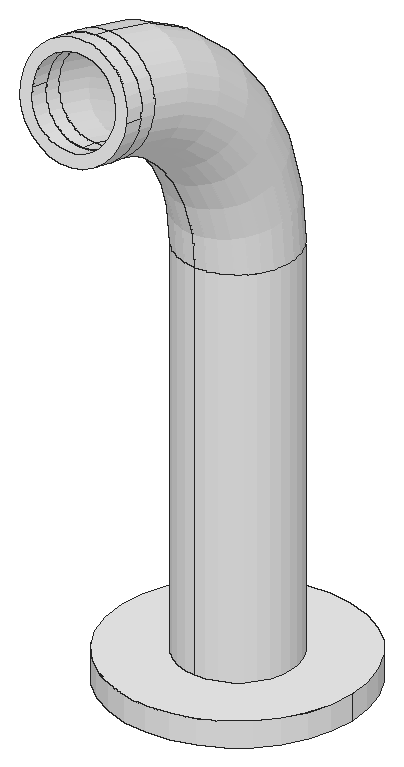
Revit family "Tub_Spout-GROHE-Atrio-13488_Series", category Plumbing Fixtures, host Face, Revit 2019
Family settings
  Host = Face
  Round Connector Dimension = Use Diameter
  Part Type = Normal
  OmniClass Number = 23.45.05.14.21.11
  OmniClass Title = Bath/Shower Units
  Cut with Voids When Loaded = No
  Shared = Yes
  Room Calculation Point = No
Parameters (values of type "13488000")
  Width = 2 9/16"  # constant formula
  Waste Connection = no
  WFU = 4  # constant formula
  Vent Connection = no
  URL = "https://www.grohe.us/"
  Type Comments = ""
  Tempered Water Connection Diameter = 1/2"  # constant formula
  Tempered Connection = yes
  Spout Reach = 6 3/4"  # constant formula
  Product Page URL = "https://www.grohe.us/Tub-Fillers/Atrio-Tub-Spout/GROHE-CHROME-13488000"
  Price = "Prices may vary. Please consult Manufacturer Representative for most up-to-date price list."  # constant formula
  Plate Thickness = 2 9/16"  # constant formula
  Model = "13488000"
  Material = "Metal-Grohe-000-StarLight Chrome"
  Manufacturer = "Grohe"
  Installation Type = "Wall Mounted"
  IAPMO Compliance = "• Massachusetts Plumbing Board Approved  • CSA B125.1 • ASME A112.18.1"
  HWFU = 3  # constant formula
  HW Connection = no
  Finish = Metal-Grohe-000-StarLight Chrome
  Description = "Atrio Tub Spout"  # constant formula
  Default Elevation = 24"
  Creation Date = "06/07/2023"  # constant formula
  CWFU = 3  # constant formula
  CW Connection = no
  Assembly Code = "D2010510"
Types (5): name | Model | Material | Finish
  (no name) | "13488000" | "Metal-Grohe-000-StarLight Chrome" | Metal-Grohe-000-StarLight Chrome
  13488000 | "13488000" | "Metal-Grohe-000-StarLight Chrome" | Metal-Grohe-000-StarLight Chrome
  134882430 | "134882430" | "Metal-Grohe-2430-Matte Black" | Metal-Grohe-2430-Matte Black
  13488EN0 | "13488EN0" | "Metal-Grohe-EN0-Brushed Nickel Infinity Finish" | Metal-Grohe-EN0-Brushed Nickel Infinity Finish
  13488GN0 | "13488GN0" | "Metal-Grohe-GN0-Brushed Cool Sunrise" | Metal-Grohe-GN0-Brushed Cool Sunrise
Reference planes (in)
  plane 1 "Center (Front/Back)": y = 0
  plane 2: z = 0
  plane 3 "Center (Left/Right)": x = 0
  plane 4: z = 0.26774
  plane 5: z = 6.75
  plane 6: x = 1.28125
  plane 7: x = -1.28125
  plane 8: through (0, -0.63304, 6.40773) normal (0, 0.1908, 0.9816)
  plane 9: y = 1.28125
  plane 10: y = -1.28125
Forms (in)
  Extrusion 1, solid, material "Metal-Grohe-000-StarLight Chrome" <- "Finish"
    sketch origin (0, 0, 0) x (1, 0, 0) y (0, 1, 0)
      loop
        circle (0, 0) r 1.28125
    from 0 to 0.26774
  Extrusion 2, solid, material "Metal-Grohe-000-StarLight Chrome" <- "Finish", not visible
    sketch origin (0, 0, 0) x (1, 0, 0) y (0, 1, 0)
      loop
        circle (0, 0) r 0.25
    from 0 to 0.03735
  Sweep 3, solid, material "Metal-Grohe-000-StarLight Chrome" <- "Finish"
    path origin (0, 0, 0) x (0, 1, 0) y (0, 0, 1)
      loop
        line (0, 0) -> (0, 4.34148)
        arc (0, 4.34148) -> (-0.53835, 5.8409) -> (-1.9075, 6.65546) r 2.35729
        line (-1.9075, 6.65546) -> (-2.08598, 6.69016)
    profile origin (0, 0, 2.17074) x (0, -1, 0) y (1, 0, 0)
      loop
        circle (0, 0) r 0.46303
      loop
        circle (0, 0) r 0.59354
  Extrusion 4, solid, material "Metal-Grohe-000-StarLight Chrome" <- "Finish"
    sketch origin (0, -2.08598, 6.69016) x (1, 0, 0) y (0, 0.190809, 0.981627)
      loop
        circle (0, 0) r 0.59354
      loop
        circle (0, 0) r 0.46303
    from 0 to 0.19745
Cuts and joins
  joined: Extrusion 1, Sweep 3
Lines and regions (in)
  Masking region 1
    outline origin (0, 0, 0) x (1, 0, 0) y (0, 0, 1)
      loop
        line (-1.28125, 0) -> (1.28125, 0) -> (1.28125, 0.26774) -> (0.62486, 0.26774) -> (0.62486, 6.70927)
        arc (0.62486, 6.70927) -> (0.01566, 7.31847) -> (-0.59354, 6.70927) r 0.6092
        line (-0.59354, 6.70927) -> (-0.59354, 0.26774) -> (-1.28125, 0.26774) -> (-1.28125, 0)
  symbolic lines, detail levels medium+fine
    curve 1: line (1.25, 0, 0.26774) -> (-1.25, 0, 0.26774)
Dimensions and locks (in)
  "Spout Reach": plane 5 to level
  plane 3 "Center (Left/Right)" to plane 6 = 1 9/32"
  "Width": plane 7 to plane 6
  equal spacing: plane 9, plane 1 "Center (Front/Back)", plane 10, locked at 1.28125 each
  "Width": plane 9 to plane 10
  plane 4 to plane 2 = 0.26774"
  angle plane 5 to plane 8 = 11.00°
  aligned and locked: plane 2 to host face
  aligned and locked: level to host face
  aligned and locked: Extrusion 1 to Masking region 1 sketch curve  (x2)
  aligned and locked: plane 1 "Center (Front/Back)" to Sweep 3 sketch curve
  aligned and locked: plane 1 "Center (Front/Back)" to Extrusion 1 sketch curve
  aligned and locked: plane 3 "Center (Left/Right)" to Extrusion 1 sketch curve
  aligned and locked: plane 4 to Extrusion 1
  aligned and locked: Extrusion 4 sketch curve to cut or joined group of Extrusion 1, Sweep 3
Automatic sketch dimensions
  curve 1 to plane 4 = 0"
  plane 7 to curve 1 = 1/32"
  curve 1 to plane 6 = 1/32"
  host sketch curve to host sketch curve = 96"  (x2)
  plane 1 "Center (Front/Back)" to Extrusion 2 sketch curve = 0"
  Extrusion 2 sketch curve to plane 3 "Center (Left/Right)" = 0"
  Sweep 3 sketch curve to plane 8 = 0"  (x2)
  Sweep 3 sketch curve to plane 1 "Center (Front/Back)" = 0"
  Sweep 3 sketch curve to level = 0"
  Sweep 3 sketch curve to plane 5 = 0.09454"
  Sweep 3 sketch curve to plane 10 = 1.07604"
  Sweep 3 sketch curve to plane 5 = 0.05984"
  Sweep 3 sketch curve to Sweep 3 sketch curve = 0"  (x2)
  Sweep 3 sketch curve to plane 3 "Center (Left/Right)" = 0"
  Masking region 1 sketch curve to plane 4 = 0"
  Masking region 1 sketch curve to plane 7 = 0"
  Masking region 1 sketch curve to plane 6 = 0"
  Masking region 1 sketch curve to plane 5 = 0.04073"
  Masking region 1 sketch curve to plane 3 "Center (Left/Right)" = 0.59354"
  plane 3 "Center (Left/Right)" to Masking region 1 sketch curve = 0.01566"
  radius of Extrusion 2 sketch curve = 1/4"
  radius of Extrusion 1 sketch curve = 1 9/32"
  radius of Sweep 3 sketch curve = 0.46303"
  radius of Sweep 3 sketch curve = 0.59354"
  radius of Extrusion 4 sketch curve to Sweep 3 = 0"
Connectors (in)
  piping at (0, 0, 0), diameter 0.5, driven by "Tempered Water Connection Diameter"
    settings: on Extrusion 2, index 1, connector inside diameter 24", connector length 0", flow factor 0, pipe flow 0 GPM, pressure drop 0.00 psi, fitting loss kfactor 0, connector angle 0.00°, fixture units 0, engagement length 0", angle of deflection 0.00°, flow configuration 0, flow direction 1, fitting loss method 0, system type 29, joint type 0, gender type 0, connector reference index -1, connector utility 0, adjustable connector no, is connector primary yes, connector description "1/2\" NPT Inlet Connection"
